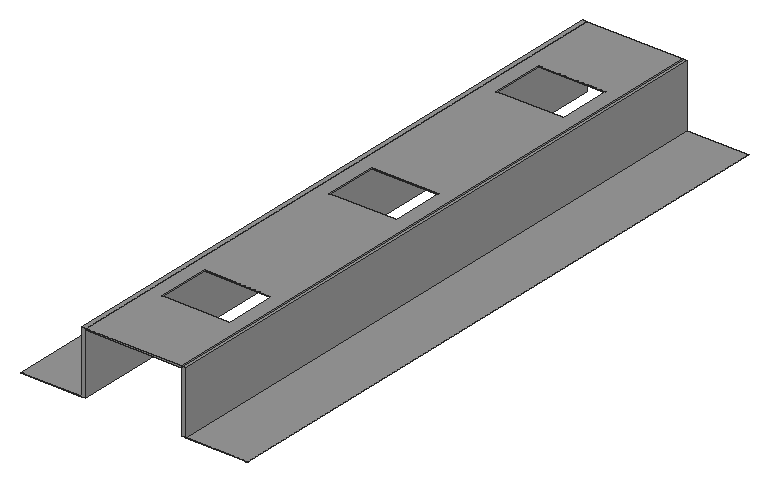
Revit family "OKA-G Kanaleinheit für GES6, Höhe 40-240mm", category Generic Models, Revit 2015
Parameters (values of type "OKA-G40040240D6")
  Width = 400 mm
  URL = "http://www.obo-bettermann.com"
  Material = Steel, Galvanized
  Manufacturer Art. No. = "7424182"
  Manufacturer = "OBO Bettermann"
  Length [instance] = 2400 mm
  HeightCalc [instance] = if(Height < 40 mm, 40 mm, (if(Height > 240 mm, 240 mm, Height)))  # 240 mm
  Height [instance] = 240 mm
  GTIN = "4012195243601\r\n\r\n4012195243601\r\n4012195243601"
  Cut's number = 3
  Article Type = "OKA-G40040240D6"
Reference planes
  plane 1 "Center (Front/Back)": y = 0
  plane 2: z = 0
  plane 3 "Center (Left/Right)": x = 0
  plane 4: z = 240
  plane 5: y = -2400
  plane 6: x = 200
  plane 7: x = -200
Forms (mm)
  Extrusion 1, solid, material "Aluminum 6061"
    sketch origin (0, 0, 0) x (1, 0, 0) y (0, 0, 1)
      loop
        line (185, 240) -> (185, 0) -> (435, 0) -> (435, 1) -> (200, 1) -> (200, 240) -> (185, 240)
      loop
        line (-200, 1) -> (-435, 1) -> (-435, 0) -> (-185, 0) -> (-185, 240) -> (-200, 240) -> (-200, 1)
    from 0 to 2400
  Extrusion 2, solid, material "Steel, Galvanized" <- "Material"
    sketch origin (0, 0, 0) x (1, 0, 0) y (0, 0, 1)
      loop
        line (185, 236) -> (185, 240) -> (-185, 240) -> (-185, 236) -> (185, 236)
    from 0 to 2400
  Extrusion 3, void
    sketch origin (0, 0, 0) x (1, 0, 0) y (0, 1, 0)
      loop
        line (-129.1, -1898.5) -> (-129.1, -2102.5) -> (129.1, -2102.5) -> (129.1, -1898.5) -> (-129.1, -1898.5)
    from 0 to 250
  Extrusion 4, void
    sketch origin (0, 800, 0) x (1, 0, 0) y (0, 1, 0)
      loop
        line (-129.1, -1898.5) -> (-129.1, -2102.5) -> (129.1, -2102.5) -> (129.1, -1898.5) -> (-129.1, -1898.5)
    from 0 to 250
  Extrusion 5, void
    sketch origin (0, 1600, 0) x (1, 0, 0) y (0, 1, 0)
      loop
        line (-129.1, -1898.5) -> (-129.1, -2102.5) -> (129.1, -2102.5) -> (129.1, -1898.5) -> (-129.1, -1898.5)
    from 0 to 250
Cuts and joins
  Extrusion 3, Extrusion 4, Extrusion 5 cuts Extrusion 2
Lines and regions (mm)
  model lines
    curve 1: line (-200, 0, 240) -> (-185, 0, 240)
    curve 2: line (-185, 0, 240) -> (-185, 0, 0)
    curve 3: line (-185, 0, 0) -> (-435, 0, 0)
    curve 4: line (-435, 0, 0) -> (-435, 0, 1)
    curve 5: line (-435, 0, 1) -> (-200, 0, 1)
    curve 6: line (-200, 0, 1) -> (-200, 0, 240)
    curve 7: line (185, 0, 240) -> (185, 0, 0)
    curve 8: line (185, 0, 0) -> (435, 0, 0)
    curve 9: line (435, 0, 0) -> (435, 0, 1)
    curve 10: line (435, 0, 1) -> (200, 0, 1)
    curve 11: line (200, 0, 1) -> (200, 0, 240)
    curve 12: line (200, 0, 240) -> (185, 0, 240)
    curve 13: line (185, 0, 240) -> (185, 0, 0)
    curve 14: line (-185, 0, 0) -> (-185, 0, 240)
    curve 15: line (-185, 0, 240) -> (185, 0, 240)
    curve 16: line (-185, 0, 236) -> (185, 0, 236)
Dimensions and locks
  locked: curve 5 to curve 3 at 1
  locked: curve 2 to curve 6 at 15
  locked: curve 10 to curve 8 at 1
  locked: curve 2 to curve 4 at 250
  locked: curve 9 to curve 7 at 250
  locked: curve 11 to curve 7 at 15
  "Length": plane 1 "Center (Front/Back)" to plane 5
  equal spacing: plane 7, plane 3 "Center (Left/Right)", plane 6
  "Width": plane 7 to plane 6
  "HeightCalc": level to plane 4
  locked: curve 16 to curve 15 at 4
  locked: Extrusion 3 sketch curve to Extrusion 3 sketch curve at 204
  locked: Extrusion 3 sketch curve to Extrusion 3 sketch curve at 258.2
  locked: Extrusion 4 sketch curve to Extrusion 4 sketch curve at 204
  locked: Extrusion 4 sketch curve to Extrusion 4 sketch curve at 258.2
  equal spacing: group 1, group 2, group 3  (x3)
  locked: Extrusion 5 sketch curve to Extrusion 5 sketch curve at 204
  locked: Extrusion 5 sketch curve to Extrusion 5 sketch curve at 258.2
  aligned and locked: level to plane 2
  aligned and locked: level to curve 3
  aligned and locked: curve 6 to plane 7
  aligned and locked: curve 11 to plane 6
  aligned and locked: plane 4 to curve 1
  aligned and locked: curve 8 to level
  aligned and locked: Extrusion 1 sketch curve to curve 13
  aligned and locked: Extrusion 1 sketch curve to curve 12
  aligned and locked: Extrusion 1 sketch curve to curve 11
  aligned and locked: Extrusion 1 sketch curve to curve 10
  aligned and locked: Extrusion 1 sketch curve to curve 9
  aligned and locked: Extrusion 1 sketch curve to curve 8
  aligned and locked: Extrusion 1 sketch curve to curve 6
  aligned and locked: Extrusion 1 sketch curve to curve 14
  aligned and locked: Extrusion 1 sketch curve to curve 1
  aligned and locked: Extrusion 1 sketch curve to curve 5
  aligned and locked: Extrusion 1 sketch curve to curve 3
  aligned and locked: Extrusion 1 sketch curve to curve 4
  aligned and locked: Extrusion 1 to plane 5
  aligned and locked: Extrusion 2 sketch curve to curve 16
  aligned and locked: Extrusion 2 sketch curve to curve 15
  aligned and locked: Extrusion 2 sketch curve to curve 2
  aligned and locked: Extrusion 2 sketch curve to curve 7
  aligned and locked: Extrusion 2 to plane 5
